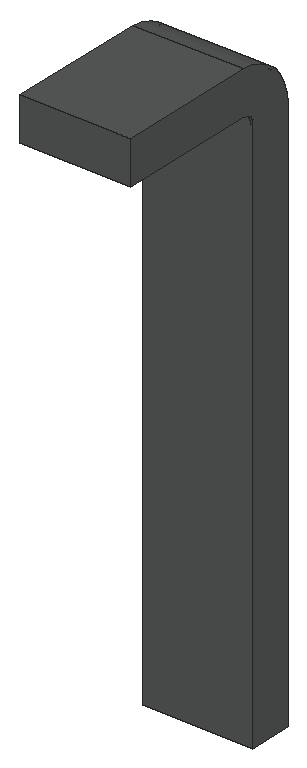
Revit family "0047951 Sylvania Lighting Fixture START eco Bollard L-Shape M IP54 570lm 830 BLK", category Lighting Fixtures, host Face, Revit 2016
Family settings
  Host = Face
  Part Type = Normal
  Round Connector Dimension = Use Diameter
  OmniClass Number = 23.80.70.11.17
  OmniClass Title = Specialized Lighting by Location or Use
  Cut with Voids When Loaded = No
  Light Source = Yes
  Shared = No
  Room Calculation Point = No
Parameters (values of type "START eco Bollard L-Shape M IP54 570lm 830 BLK")
  Width = 35.0 mm
  Length = Width + 55.0 mm  # 90.0 mm
  Weight = 1.54 kg
  Wattage = 8 W
  built-in parameter 1150110 = 1 (stored number, unit not read)
  Voltage Comments = "UNV (Universal Voltage; 230-240 Volt)"  # constant formula
  Voltage = 240 V  # constant formula
  URL = "http://www.sylvania-lighting.com/"
  built-in parameter 1114217 = 1 (stored number, unit not read)
  Tilt Angle = 90.00°
  built-in parameter 1150109 = 1 (stored number, unit not read)
  built-in parameter 1150134 = (empty or 0)
  Ta Rating = "-20°C to +45°C"  # constant formula
  built-in parameter 1150113 = 1 (stored number, unit not read)
  Product Page URL = "http://www.sylvania-lighting.com/product/en-gb/products/0047951"
  Product Family = ""
  Photometry Comments = ""
  Photometric Web File = "0047951.ies"
  built-in parameter 1150105 = 209.52 (stored number, unit not read)
  Lumens = 570 lm
  built-in parameter 1150115 = 1 (stored number, unit not read)
  built-in parameter 1150137 = (empty or 0)
  built-in parameter 1150139 = (empty or 0)
  Life = "25 000h"  # constant formula
  built-in parameter 1150112 = 1 (stored number, unit not read)
  built-in parameter 1150114 = 1 (stored number, unit not read)
  Lamp Comments = "Integrated LED"  # constant formula
  built-in parameter 1150132 = 2
  built-in parameter 1150102 = (empty or 0)
  built-in parameter 1150107 = 3000 (stored number, unit not read)
  built-in parameter 1150138 = (empty or 0)
  built-in parameter 1150106 = 2.0952 (stored number, unit not read)
  IP Rating = "IP54"  # constant formula
  IK Rating = "IK05"  # constant formula
  Energy Class = "A++ A+ A"  # constant formula
  Electrical Protection = "CLASS I"  # constant formula
  built-in parameter 1150104 = 6.6193 (stored number, unit not read)
  Drive Current = "300mA"
  Dimming Lamp Color Temperature Shift = <None>
  Color Filter = 16777215
  Catalog Number = "0047951 START eco Bollard L-Shape M IP54 570lm 830 BLK"
  Body Material = Aluminum_Sylvania_Velite_Black
  built-in parameter 1114218 = 1 (stored number, unit not read)
  built-in parameter 1150133 = 10 (stored number, unit not read)
  Height = 500.0 mm
  built-in parameter 1114216 [instance] = 1 (stored number, unit not read)
  Model = "START eco Bollard L-Shape M IP54 570lm 830 BLK"
  Manufacturer = "Feilo Sylvania"  # constant formula
  Lamp = "LED"
  Diffuser Material = Polycarbonate_Sylvania_Velite_Clear
  Description = "A range of sleek and stylish Outdoor LED luminaires.Velite is perfect for lighting courtyards, gardens and exterior entrances.Design  meets IK05 requirements.Available in various shapes, sizes and colours of die cast aluminium luminaires.Range includes bollards and various wall mounted direct and direct/indirect luminaires.High efficient thermal design: ta -20 to +45oC.High performance: delivers up to 830 lm (luminaire lumen output), and up to 71lm/W (total system efficiency).Available in warm white (3,000K).Energy class: A++, A+, A.Lifetime: 30,000 hours life at 70% of the original output L70."  # constant formula
  Default Elevation = 0.0 mm
  built-in parameter 1140040 [instance] = 1
  Assembly Code = "D5020200"
  Apparent Load Comments = ""
  Apparent Load = 8 VA
Reference planes
  plane 1 "Center (Front/Back)": y = 0
  plane 2 "Fixture Top": z = 0
  plane 3 "Center (Left/Right)": x = 0
  plane 4: x = 45
  plane 5: y = 17.5
  plane 6: x = -45
  plane 7: y = -17.5
  plane 8: x = -43
  plane 9: x = 43
  plane 10: y = 15.5
  plane 11: y = -15.5
  plane 12: z = 500
  plane 13: z = 465
  plane 14: y = -142.5
  plane 15: y = -140.5
  plane 16: z = 467
  plane 17: z = 498
  plane 18: z = 2
  plane 19: y = -79
Forms (mm)
  Extrusion 1, solid, material "Aluminum_Sylvania_Velite_Black" <- "Body Material", detail levels fine
    sketch origin (0, 0, 0) x (1, 0, 0) y (0, 1, 0)
      loop
        line (-43, -17.5) -> (43, -17.5) -> (43, -15.5) -> (-43, -15.5) -> (-43, -17.5)
    from 0 to 467
  Sweep 2, solid, material "Aluminum_Sylvania_Velite_Black" <- "Body Material", detail levels fine
    path origin (0, 0, 0) x (0, 1, 0) y (0, 0, 1)
      loop
        line (-17.5, 0) -> (-17.5, 455)
        arc (-17.5, 455) -> (-20.429, 462.071) -> (-27.5, 465) r 10
        line (-27.5, 465) -> (-140.5, 465)
    profile origin (0, -17.5, 227.5) x (0, -1, 0) y (1, 0, 0)
      loop
        line (-35, -45) -> (0, -45) -> (0, -43) -> (-33, -43) -> (-33, 43) -> (0, 43) -> (0, 45) -> (-35, 45) -> (-35, -45)
  Extrusion 3, solid, material "Aluminum_Sylvania_Velite_Black" <- "Body Material", detail levels fine
    sketch origin (0, 0, 0) x (1, 0, 0) y (0, 0, 1)
      loop
        line (-45, 500) -> (-45, 465) -> (45, 465) -> (45, 500) -> (-45, 500)
    from 140.5 to 142.5
  Extrusion 4, solid, material "Aluminum_Sylvania_Velite_Black" <- "Body Material", detail levels fine
    sketch origin (0, 0, 0) x (1, 0, 0) y (0, 1, 0)
      loop
        line (43, 15.5) -> (-43, 15.5) -> (-43, -15.5) -> (43, -15.5) -> (43, 15.5)
    from 0 to 2
  Extrusion 5, solid, material "Polycarbonate_Sylvania_Velite_Clear" <- "Diffuser Material", detail levels fine
    sketch origin (0, 0, 0) x (1, 0, 0) y (0, 1, 0)
      loop
        line (43, -17.5) -> (-43, -17.5) -> (-43, -140.5) -> (43, -140.5) -> (43, -17.5)
    from 465 to 467
  Extrusion 6, solid, material "Aluminum_Sylvania_Velite_Black" <- "Body Material", detail levels coarse+medium
    sketch origin (0, 0, 0) x (0, 1, 0) y (0, 0, 1)
      loop
        line (17.5, 0) -> (17.5, 500) -> (-142.5, 500) -> (-142.5, 465) -> (-17.5, 465) -> (-17.5, 0) -> (17.5, 0)
    from -45 to 45
Cuts and joins
  joined: Extrusion 1, Sweep 2, Extrusion 3, Extrusion 4
Dimensions and locks
  equal spacing: plane 6, plane 3 "Center (Left/Right)", plane 4
  "Length": plane 6 to plane 4
  equal spacing: plane 7, plane 1 "Center (Front/Back)", plane 5
  "Width": plane 5 to plane 7
  locked: plane 6 to plane 8 at 2
  locked: plane 9 to plane 4 at 2
  locked: plane 5 to plane 10 at 2
  locked: plane 7 to plane 11 at 2
  plane 5 to plane 14 = 160.0 mm
  plane 14 to plane 15 = 2.0 mm
  locked: plane 18 to plane 2 "Fixture Top" at 2
  "Height": plane 12 to plane 2 "Fixture Top"
  equal spacing: plane 7, plane 19, plane 15
  "Width": plane 12 to plane 13
  locked: plane 12 to plane 17 at 2
  plane 16 to imposter light = 2.0 mm
  locked: plane 16 to plane 13 at 2
  aligned and locked: host face to plane 2 "Fixture Top"
  aligned and locked: level to host face
  aligned and locked: Extrusion 1 sketch curve to plane 7
  aligned and locked: plane 11 to Extrusion 1 sketch curve
  aligned and locked: Extrusion 1 to plane 2 "Fixture Top"
  aligned and locked: plane 7 to Sweep 2 sketch curve
  aligned and locked: Sweep 2 sketch curve to plane 13
  aligned and locked: Sweep 2 sketch curve to plane 6
  aligned and locked: Sweep 2 sketch curve to plane 8
  aligned and locked: Sweep 2 sketch curve to plane 4
  aligned and locked: plane 9 to Sweep 2 sketch curve
  aligned and locked: Sweep 2 sketch curve to plane 5
  aligned and locked: Sweep 2 sketch curve to plane 7
  aligned and locked: plane 9 to Extrusion 1 sketch curve
  aligned and locked: Sweep 2 sketch curve to plane 10
  aligned and locked: Extrusion 3 sketch curve to plane 12
  aligned and locked: plane 6 to Extrusion 3 sketch curve
  aligned and locked: Extrusion 3 sketch curve to Sweep 2  (x2)
  aligned and locked: plane 15 to Sweep 2 sketch curve
  aligned and locked: Extrusion 3 to plane 15
  aligned and locked: plane 14 to Extrusion 3
  aligned and locked: plane 2 "Fixture Top" to Sweep 2 sketch curve
  aligned and locked: plane 10 to Extrusion 4 sketch curve
  aligned and locked: Extrusion 4 sketch curve to plane 9
  aligned and locked: plane 11 to Extrusion 4 sketch curve
  aligned and locked: Extrusion 4 sketch curve to plane 8
  aligned and locked: Extrusion 4 to plane 2 "Fixture Top"
  aligned and locked: plane 18 to Extrusion 4
  aligned and locked: Extrusion 5 sketch curve to plane 8
  aligned and locked: plane 15 to Extrusion 5 sketch curve
  aligned and locked: Extrusion 5 sketch curve to plane 9
  aligned and locked: Extrusion 5 to plane 13
  aligned and locked: plane 7 to Extrusion 5
  aligned and locked: imposter light to plane 3 "Center (Left/Right)"
  aligned and locked: imposter light to plane 19
  aligned and locked: plane 13 to imposter light
  aligned and locked: plane 16 to Extrusion 5
  aligned and locked: plane 16 to Extrusion 1
  aligned and locked: plane 2 "Fixture Top" to Extrusion 6 sketch curve
  aligned and locked: plane 5 to Extrusion 6 sketch curve
  aligned and locked: plane 7 to Extrusion 6 sketch curve
  aligned and locked: plane 13 to Extrusion 6 sketch curve
  aligned and locked: plane 12 to Extrusion 6 sketch curve
  aligned and locked: plane 14 to Extrusion 6 sketch curve
  aligned and locked: Extrusion 6 to plane 6
  aligned and locked: plane 4 to Extrusion 6
Automatic sketch dimensions
  host sketch curve to host sketch curve = 447.379 mm
  host sketch curve to host sketch curve = 434.165 mm
  Sweep 2 sketch curve to profile plane = 0.0 mm
  Extrusion 1 sketch curve to plane 8 = 0.0 mm
  Sweep 2 sketch curve to plane 7 = 10.0 mm
  Extrusion 5 sketch curve to plane 10 = 33.0 mm
Connectors
  electrical at (0, 0, 0), driven by "Voltage", driven by "Apparent Load"
    settings: on cut or joined group of Extrusion 1, Sweep 2, Extrusion 3, Extrusion 4, index 1, voltage 240 V, apparent load 0 VA, apparent load phase1 8 VA, apparent load phase2 0 VA, apparent load phase3 0 VA, power factor 1, load classification "Lighting", number of poles 1, system type 31, power factor state 1, is connector primary yes, connector utility no, sub classification motor no, connector description ""
